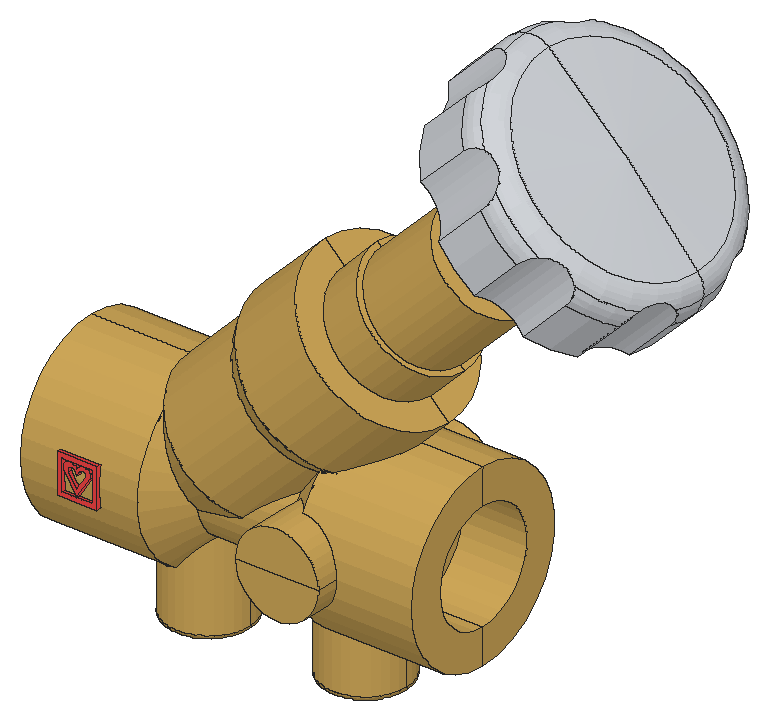
Revit family "HERZ Shut-off valve 4125 AD", category Rohrzubehör, Revit 2019
Family settings
  Bemaßung runder Anschluss = Durchmesser verwenden
  Teiletyp = Unterbricht
  OmniClass-Nummer = 23.65.55.14
  OmniClass-Titel = Valves for Liquid Services
  Arbeitsebenenbasiert = Nein
  Immer vertikal = Ja
  Beim Laden mit Abzugskörper schneiden = Nein
  Gemeinsam genutzt = Nein
Parameters
  W01 = 45.00°  # constant formula
  URL = "www.herzvalves.com"
  Spindle = "brass CW617N\r"  # constant formula
  SW01 = 60.00°  # constant formula
  SC_NennweiteBerechnet [instance] = 0
  SC_Dimension [instance] = ""
  SCRNSEQ = "ARM;ARM_TYP=\"ABSV\";2"
  SCRNCODE = "05;07;02"  # constant formula
  S03 = 60.000 mm  # constant formula
  S02 [instance] = L06 + L09 + L12 + L15  # 113.800 mm
  S01 [instance] = R01 * 2  # 41.000 mm
  R12 [instance] = R01 - 1.000 mm  # 19.500 mm
  R11 [instance] = size_lookup("4125AD_", "R11", 1.000 mm, Nennweite)  # 6.000 mm
  R100 = 1.000 mm  # constant formula
  R10 [instance] = size_lookup("4125AD_", "R10", 1.000 mm, Nennweite)  # 9.000 mm
  R09 [instance] = size_lookup("4125AD_", "R9", 1.000 mm, Nennweite)  # 12.750 mm
  R08 [instance] = size_lookup("4125AD_", "R8", 1.000 mm, Nennweite)  # 14.000 mm
  R07 [instance] = size_lookup("4125AD_", "R7", 1.000 mm, Nennweite)  # 20.000 mm
  R06 [instance] = size_lookup("4125AD_", "R6", 1.000 mm, Nennweite)  # 17.750 mm
  R05 [instance] = Nennweite / 2  # 12.500 mm
  R04 [instance] = size_lookup("4125AD_", "R4", 1.000 mm, Nennweite)  # 9.500 mm
  R03 = 9.500 mm  # constant formula
  R02 [instance] = Nennweite / 2  # 12.500 mm
  R01 [instance] = size_lookup("4125AD_", "R1", 1.000 mm, Nennweite)  # 20.500 mm
  Upper part = "DZR brass CW602N"  # constant formula
  Part number [instance] = size_lookup("4125AD_", "Artnr", 0, Nennweite)  # 1412573
  Nennweite [instance] = 25.000 mm
  Model = "STRÖMAX-D shut-off valve, inclined model, same as 4125 D,\r\nhowever with 2 bores for draining fittings, 1 screw plug 272 installed.\r\nDrain cocks must be ordered separately."
  Medium = "Heating water according ÖNORM H5195 or VDI- Standard 2035.\r\nThe use of ethylene- or propylene glycol in a mixing ratio 25- 50% is allowed."
  Max. differential pressure on closed seat = 1000000.0 Pa  # constant formula
  Max. operating temperature = 110 °C  # constant formula
  Max. operating pressure = 2000000.0 Pa  # constant formula
  L16 [instance] = L01 / 2  # 13.500 mm
  L15 [instance] = size_lookup("4125AD_", "L15", 1.000 mm, Nennweite)  # 12.400 mm
  L14 [instance] = size_lookup("4125AD_", "L14", 1.000 mm, Nennweite)  # 12.000 mm
  L12 [instance] = size_lookup("4125AD_", "L12", 1.000 mm, Nennweite)  # 43.400 mm
  L11 [instance] = size_lookup("4125AD_", "L11", 1.000 mm, Nennweite)  # 22.400 mm
  L10 [instance] = size_lookup("4125AD_", "L10", 1.000 mm, Nennweite)  # 11.000 mm
  L09 [instance] = size_lookup("4125AD_", "L9", 1.000 mm, Nennweite)  # 19.500 mm
  L08 [instance] = size_lookup("4125AD_", "L8", 1.000 mm, Nennweite)  # 34.000 mm
  L07 [instance] = size_lookup("4125AD_", "L7", 1.000 mm, Nennweite)  # 18.000 mm
  L06 [instance] = size_lookup("4125AD_", "L6", 1.000 mm, Nennweite) - L09  # 38.500 mm
  L05 [instance] = size_lookup("4125AD_", "L5", 1.000 mm, Nennweite)  # 25.500 mm
  L04 [instance] = size_lookup("4125AD_", "L4", 1.000 mm, Nennweite)  # 25.500 mm
  L03 = 15.000 mm  # constant formula
  L02 [instance] = size_lookup("4125AD_", "L2", 1.000 mm, Nennweite)  # 11.000 mm
  L01 [instance] = size_lookup("4125AD_", "L1", 1.000 mm, Nennweite)  # 27.000 mm
  L00 [instance] = size_lookup("4125AD_", "L", 1.000 mm, Nennweite)  # 90.000 mm
  Cone = "DZR brass CW602N"  # constant formula
  Hersteller = "HERZ Armaturen Ges.m.b.H."  # constant formula
  Hand wheel = "Polyamide"  # constant formula
  H01 [instance] = size_lookup("4125AD_", "H1", 1.000 mm, Nennweite)  # 32.000 mm
  Sealing = "EPDM"  # constant formula
  DN80 [instance] = Nennweite = 80.000 mm  # no
  DN65 [instance] = Nennweite = 65.000 mm  # no
  DN50 [instance] = Nennweite = 50.000 mm  # no
  DN40 [instance] = Nennweite = 40.000 mm  # no
  DN32 [instance] = Nennweite = 32.000 mm  # no
  DN25-DN80 [instance] = or(Nennweite = 25.000 mm, Nennweite = 32.000 mm, Nennweite = 40.000 mm, Nennweite = 50.000 mm, Nennweite = 65.000 mm, Nennweite = 80.000 mm)  # yes
  DN25 [instance] = Nennweite = 25.000 mm  # yes
  DN20 [instance] = Nennweite = 20.000 mm  # no
  DN15 [instance] = Nennweite = 15.000 mm  # no
  DN [instance] = 0.000 mm
  Body = "casted DZR brass CC752S"  # constant formula
  Application = "Reliable shutting of pipes in heating and cooling systems."
Reference planes
  plane 1 "Mitte (Vorne/hinten)": y = 0
  plane 2: z = 0
  plane 3 "Mitte (Links/rechts)": x = 0
Forms (mm)
  Revolve 1, solid, material "Messing, weicher Gelbton, geschweißt", detail levels fine
    sketch origin (470, 0, 0) x (1, 0, 0) y (0, 0, 1)
      loop
        line (-515, 12.5) -> (-500, 12.5) -> (-500, 0) -> (-440, 0) -> (-440, 12.5) -> (-425, 12.5) -> (-425, 20.5) -> (-452, 20.5) -> (-459, 12.5) -> (-481, 12.5) -> (-488, 20.5) -> (-515, 20.5) -> (-515, 12.5)
      axis (-515, 0) -> (-425, 0)
    angle from 0 to 360
  Revolve 2, solid, material "Messing, weicher Gelbton, geschweißt", detail levels fine
    sketch origin (470, 0, 0) x (1, 0, 0) y (0, 0, 1)
      loop
        line (-497.5, 0) -> (-497.5, -31)
        arc (-497.5, -31) -> (-497.207, -31.707) -> (-496.5, -32) r 1
        line (-496.5, -32) -> (-488, -32) -> (-488, 0) -> (-497.5, 0)
      axis (-488, 0) -> (-488, -32)
    angle from 0 to 360
  Revolve 3, solid, material "Messing, weicher Gelbton, geschweißt", detail levels fine
    sketch origin (0, 0, 0) x (1, 0, 0) y (0, 1, 0)
      loop
        line (18, -25.5) -> (27.5, -25.5) -> (27.5, 25.5) -> (18, 25.5) -> (18, -25.5)
      axis (18, -25.5) -> (18, 25.5)
    angle from 0 to 360
  Revolve 4, solid, material "Messing, weicher Gelbton, geschweißt", visible <- "DN25-DN80", detail levels fine
    sketch origin (-470, 0, 0) x (-1, 0, 0) y (0, 0, 1)
      loop
        line (-497.5, 0) -> (-497.5, -31)
        arc (-497.5, -31) -> (-497.207, -31.707) -> (-496.5, -32) r 1
        line (-496.5, -32) -> (-488, -32) -> (-488, 0) -> (-497.5, 0)
      axis (-488, 0) -> (-488, -32)
    angle from 0 to 360
  Revolve 5, solid, material "Messing, weicher Gelbton, geschweißt", detail levels fine
    sketch origin (0.32, 0, -0.105) x (1, 0, 0) y (0, 0, 1)
      loop
        line (-18.32, 0) -> (62.149, 80.469) -> (57.906, 84.711) -> (49.138, 75.943) -> (47.017, 78.065) -> (39.946, 70.994) -> (37.294, 73.645) -> (21.455, 57.806) -> (20.571, 58.69) -> (12.793, 50.912) -> (8.55, 55.154) -> (-5.239, 41.366) -> (-6.83, 36.593) -> (-22.386, 21.036) -> (-27.159, 8.839) -> (-18.32, 0)
      axis (-18.32, 0) -> (62.149, 80.469)
    angle from 0 to 360
Lines and regions (mm)
  model lines, detail levels coarse+medium
    curve 1: line (-45, 0, 20.5) -> (-45, 0, -20.5)
    curve 2: line (-45, 0, -20.5) -> (45, 0, 20.5)
    curve 3: line (45, 0, 20.5) -> (45, 0, -20.5)
    curve 4: line (45, 0, -20.5) -> (-45, 0, 20.5)
    curve 5: line (0, 0, 0) -> (56.9, 0, 98.554)
    curve 6: line (30.919, 0, 113.554) -> (82.881, 0, 83.554)
    curve 7: line (-45, -20.5, 0) -> (-45, 20.5, 0)
    curve 8: line (-45, 20.5, 0) -> (45, -20.5, 0)
    curve 9: line (45, -20.5, 0) -> (45, 20.5, 0)
    curve 10: line (45, 20.5, 0) -> (-45, -20.5, 0)
    curve 11: line (0, 0, 0) -> (56.9, 98.554, 0)
    curve 12: line (30.919, 113.554, 0) -> (82.881, 83.554, 0)
Dimensions and locks
  "H01": plane 2 to Revolve 2 sketch curve
  "L00": Revolve 1 sketch curve to Revolve 1 sketch curve
  equal spacing: Revolve 1 sketch curve, plane 3 "Mitte (Links/rechts)", Revolve 1 sketch curve
  "R01": Revolve 1 sketch curve to Revolve 1 sketch curve  (x2)
  "R02": Revolve 1 sketch curve to Revolve 1 sketch curve  (x3)
  "L01": Revolve 1 sketch curve to Revolve 1 sketch curve  (x2)
  "L02": plane 3 "Mitte (Links/rechts)" to Revolve 1 sketch curve
  "L02": Revolve 1 sketch curve to plane 3 "Mitte (Links/rechts)"
  "L03": Revolve 1 sketch curve to Revolve 1 sketch curve  (x2)
  "L01": Revolve 1 to Revolve 2 sketch curve
  "R03": Revolve 2 sketch curve to Revolve 2 sketch curve
  "L01": Revolve 4 sketch curve to Revolve 1
  "R03": Revolve 4 sketch curve to Revolve 4 sketch curve
  "H01": plane 2 to Revolve 4 sketch curve
  "L04": Revolve 3 sketch curve to plane 1 "Mitte (Vorne/hinten)"
  "L05": plane 1 "Mitte (Vorne/hinten)" to Revolve 3 sketch curve
  "R04": Revolve 3 sketch curve to Revolve 3 sketch curve
  "L01": Revolve 3 sketch curve to Revolve 1
  "R07": Revolve 5 sketch curve to Revolve 5 sketch curve
  "L07": plane 3 "Mitte (Links/rechts)" to Revolve 5 sketch curve
  "R05": Revolve 5 sketch curve to Revolve 5 sketch curve
  "L06": Revolve 5 sketch curve to Revolve 5 sketch curve
  "L08": Revolve 5 sketch curve to Revolve 5 sketch curve
  "R06": Revolve 5 sketch curve to Revolve 5 sketch curve
  "L14": Revolve 5 sketch curve to Revolve 5 sketch curve
  "L09": Revolve 5 sketch curve to Revolve 5 sketch curve
  "R08": Revolve 5 sketch curve to Revolve 5 sketch curve
  "L10": Revolve 5 sketch curve to Revolve 5 sketch curve
  "R09": Revolve 5 sketch curve to Revolve 5 sketch curve
  "R10": Revolve 5 sketch curve to Revolve 5 sketch curve
  "L12": Revolve 5 sketch curve to Revolve 5 sketch curve
  "R11": Revolve 5 sketch curve to Revolve 5 sketch curve
  "L15": Revolve 5 sketch curve to Revolve 5 sketch curve
  "L11": Revolve 5 sketch curve to Revolve 5 sketch curve
  "R12": nested 9 to plane 1 "Mitte (Vorne/hinten)"
  "L16": Revolve 1 to nested 9
  equal spacing: curve 1, plane 3 "Mitte (Links/rechts)", curve 3
  "L00": curve 1 to curve 3
  equal spacing: curve 4, plane 2, curve 2
  "S01": curve 4 to curve 1
  "S01": curve 3 to curve 4
  equal spacing: curve 3, plane 2, curve 4
  "S02": curve 5 to curve 5
  equal spacing: curve 6, curve 5, curve 6
  "S03": curve 6 to curve 6
  equal spacing: curve 7, plane 3 "Mitte (Links/rechts)", curve 9
  "L00": curve 7 to curve 9
  equal spacing: curve 10, plane 1 "Mitte (Vorne/hinten)", curve 8
  "S01": curve 8 to curve 10
  equal spacing: curve 9, plane 1 "Mitte (Vorne/hinten)", curve 10
  "S01": curve 10 to curve 9
  "S02": curve 11 to curve 11
  equal spacing: curve 12, curve 11, curve 12
  "S03": curve 12 to curve 12
  "R100": radius of Revolve 2 sketch curve
  "R100": radius of Revolve 4 sketch curve
  "W01": angle plane 2 to Revolve 5 sketch curve
  "W01": angle level to Revolve 5 sketch curve
  "SW01": angle plane 2 to curve 5
  "SW01": angle plane 1 "Mitte (Vorne/hinten)" to curve 11
  aligned and locked: level to plane 2
Automatic sketch dimensions
  curve 5 to level = 0.000 mm
  plane 1 "Mitte (Vorne/hinten)" to curve 11 = 0.000 mm
  Revolve 1 sketch curve to level = 0.000 mm  (x2)
  Revolve 1 sketch curve to Revolve 1 sketch curve = 791.990 mm
  Revolve 1 sketch curve to Revolve 1 sketch curve = 2278.983 mm
  Revolve 2 sketch curve to level = 0.000 mm  (x2)
  Revolve 2 sketch curve to Revolve 2 sketch curve = 0.000 mm
  Revolve 2 sketch curve to Revolve 2 sketch curve = 0.292 mm
  Revolve 3 sketch curve to Revolve 3 sketch curve = 0.000 mm  (x3)
  Revolve 4 sketch curve to level = 0.000 mm  (x2)
  Revolve 4 sketch curve to Revolve 4 sketch curve = 0.000 mm
  Revolve 4 sketch curve to Revolve 4 sketch curve = 0.292 mm
  Revolve 5 sketch curve to level = 0.105 mm
  Revolve 5 sketch curve to Revolve 5 sketch curve = 0.000 mm  (x2)
Nested families
  nested 1: "Strömax-Handrad_Schrägsitz" at (42.584, 0, 54.979), visible <- "DN15", type "Strömax-Handrad_Schrägsitz", detail levels fine
    with Nennweite 0.000 mm, Gewicht 0.00 kg, Bestellnummer 0
  nested 2: "Strömax-Handrad_Schrägsitz" at (54.312, 0, 67.707), visible <- "DN20", type "Strömax-Handrad_Schrägsitz", detail levels fine
    with Nennweite 0.000 mm, Gewicht 0.00 kg, Bestellnummer 0
  nested 3: "Strömax-Handrad_Schrägsitz" at (62.469, 0, 80.364), visible <- "DN25", type "Strömax-Handrad_Schrägsitz", detail levels fine
    with Nennweite 0.000 mm, Gewicht 0.00 kg, Bestellnummer 0
  nested 4: "Strömax-Handrad_Schrägsitz" at (71.712, 0, 91.607), visible <- "DN32", type "Strömax-Handrad_Schrägsitz", detail levels fine
    with Nennweite 0.000 mm, Gewicht 0.00 kg, Bestellnummer 0
  nested 5: "Strömax-Handrad_Schrägsitz" at (80.399, 0, 101.294), visible <- "DN40", type "Strömax-Handrad_Schrägsitz", detail levels fine
    with Nennweite 0.000 mm, Gewicht 0.00 kg, Bestellnummer 0
  nested 6: "Strömax-Handrad_Schrägsitz" at (97.83, 0, 129.225), visible <- "DN50", type "Strömax-Handrad_Schrägsitz", detail levels fine
    with Nennweite 0.000 mm, Gewicht 0.00 kg, Bestellnummer 0
  nested 7: "Strömax-Handrad_Schrägsitz" at (114.482, 0, 149.378), visible <- "DN65", type "Strömax-Handrad_Schrägsitz", detail levels fine
    with Nennweite 0.000 mm, Gewicht 0.00 kg, Bestellnummer 0
  nested 8: "Strömax-Handrad_Schrägsitz" at (140.423, 0, 183.319), visible <- "DN80", type "Strömax-Handrad_Schrägsitz", detail levels fine
    with Nennweite 0.000 mm, Gewicht 0.00 kg, Bestellnummer 0
  nested 9: "Herz-Logo-vorne" at (-31.5, -20.232, 0) x (0, 1, 0) z (0, 0, 1), type "Herz-Logo-vorne", detail levels fine
Connectors
  piping at (-30, 0, 0), diameter 25, driven by "Nennweite"
    settings: on Revolve 1, index 1, connector inside diameter 609.6 mm, connector length 0.000 mm, flow factor 0, pipe flow 0.0 L/s, pressure drop 0.0 Pa, fitting loss kfactor 0, connector angle 0.00°, fixture units 0, engagement length 0.000 mm, angle of deflection 0.00°, flow configuration 0, flow direction 1, fitting loss method 0, system type 29, joint type 0, gender type 0, connector reference index -1, connector utility 0, adjustable connector no, is connector primary yes, connector description ""
  piping at (30, 0, 0), diameter 25, driven by "Nennweite"
    settings: on Revolve 1, index 2, connector inside diameter 609.6 mm, connector length 0.000 mm, flow factor 0, pipe flow 0.0 L/s, pressure drop 0.0 Pa, fitting loss kfactor 0, connector angle 0.00°, fixture units 0, engagement length 0.000 mm, angle of deflection 0.00°, flow configuration 0, flow direction 2, fitting loss method 0, system type 29, joint type 0, gender type 0, connector reference index -1, connector utility 0, adjustable connector no, is connector primary no, connector description ""
Definition of nested family "Strömax-Handrad_Schrägsitz"
  Parameters (values of type "Strömax-Handrad_Schrägsitz")
    URL = "www.herz-armaturen.at"
    Nennweite [instance] = 0.000 mm
    Manufacturer = "Herz Armaturen GmbH"  # constant formula
    Gewicht [instance] = 0.00 kg
    Bestellnummer [instance] = 0
  Reference planes
    plane 1 "Mitte (Vorne/hinten)": y = 0
    plane 2: z = 0
    plane 3 "Mitte (Links/rechts)": x = 0
  Forms (mm)
    Revolve 1, solid
      sketch origin (0, 0, 0) x (0.707107, 0, -0.707107) y (0.707107, 0, 0.707107)
        loop
          line (0, 0) -> (0, 22)
          arc (0, 22) -> (-12.15, 21.705) -> (-24.271, 20.819) r 250
          arc (-24.271, 20.819) -> (-26.831, 19.959) -> (-28.754, 18.063) r 6
          arc (-28.754, 18.063) -> (-29.682, 16.008) -> (-30, 13.776) r 8
          line (-30, 13.776) -> (-30, 0) -> (0, 0)
        axis (0, 22) -> (0, 0)
      angle from 0 to 360
    Extrusion 2, void
      sketch origin (0, 0, 0) x (0.707107, 0, -0.707107) y (0, 1, 0)
        loop
          circle (14.351, -34.645) r 10
      from 0 to 22
    Extrusion 3, void
      sketch origin (0, 0, 0) x (-0.707107, 0, 0.707107) y (0, -1, 0)
        loop
          circle (14.351, 34.645) r 10
      from 0 to 22
    Extrusion 4, void
      sketch origin (0, 0, 0) x (0, -1, 0) y (0.707107, 0, -0.707107)
        loop
          circle (14.351, 34.645) r 10
      from 0 to 22
    Extrusion 5, void
      sketch origin (0, 0, 0) x (0, 1, 0) y (-0.707107, 0, 0.707107)
        loop
          circle (14.351, -34.645) r 10
      from 0 to 22
    Extrusion 6, void
      sketch origin (0, 0, 0) x (0, -1, 0) y (0.707107, 0, -0.707107)
        loop
          circle (14.351, -34.645) r 10
      from 0 to 22
    Extrusion 7, void
      sketch origin (0, 0, 0) x (0, 1, 0) y (-0.707107, 0, 0.707107)
        loop
          circle (14.351, 34.645) r 10
      from 0 to 22
    Extrusion 8, void
      sketch origin (0, 0, 0) x (0.707107, 0, -0.707107) y (0, 1, 0)
        loop
          circle (14.351, 34.645) r 10
      from 0 to 22
    Extrusion 9, void
      sketch origin (0, 0, 0) x (-0.707107, 0, 0.707107) y (0, -1, 0)
        loop
          circle (14.351, -34.645) r 10
      from 0 to 22
  Cuts and joins
    Extrusion 2, Extrusion 3, Extrusion 4, Extrusion 5, Extrusion 6, Extrusion 7, Extrusion 8, Extrusion 9 cuts Revolve 1
  Dimensions and locks
    aligned and locked: level to plane 2
Definition of nested family "Herz-Logo-vorne"
  Reference planes
    plane 1 "Mitte (Vorne/hinten)": y = 0
    plane 2: z = 0
    plane 3 "Mitte (Links/rechts)": x = 0
  Forms (mm)
    Extrusion 1, solid
      sketch origin (0.732, -0.018, 0.017) x (0, -1, 0) y (0, 0, 1)
        loop
          line (-0.018, -4.517) -> (4.482, -4.517) -> (4.482, 4.483) -> (-4.518, 4.483) -> (-4.518, -4.517) -> (-0.018, -4.517)
        loop
          line (-0.05, -3.48) -> (3.482, -3.48) -> (3.482, 3.483) -> (-3.518, 3.483) -> (-3.518, -3.48) -> (-0.05, -3.48)
        loop
          arc (-0.018, 2.383) -> (-1.543, 3.287) -> (-3.067, 2.383) r 1.738
          arc (-3.067, 2.383) -> (-3.191, 1.899) -> (-3.067, 1.415) r 1.009
          line (-3.067, 1.415) -> (-0.018, -3.281) -> (3.032, 1.415)
          arc (3.032, 1.415) -> (3.156, 1.899) -> (3.032, 2.383) r 1.009
          arc (3.032, 2.383) -> (1.507, 3.287) -> (-0.018, 2.383) r 1.738
        loop
          arc (1.885, 1.272) -> (2.005, 1.675) -> (1.885, 2.079) r 0.74
          arc (1.885, 2.079) -> (1.265, 2.416) -> (0.644, 2.079) r 0.74
          line (0.644, 2.079) -> (-0.018, 0.97) -> (-0.679, 2.079)
          arc (-0.679, 2.079) -> (-1.3, 2.416) -> (-1.921, 2.079) r 0.74
          arc (-1.921, 2.079) -> (-2.04, 1.675) -> (-1.921, 1.272) r 0.74
          line (-1.921, 1.272) -> (-0.018, -1.658) -> (1.885, 1.272)
      from 0 to 1.5
  Dimensions and locks
    aligned and locked: level to plane 2
